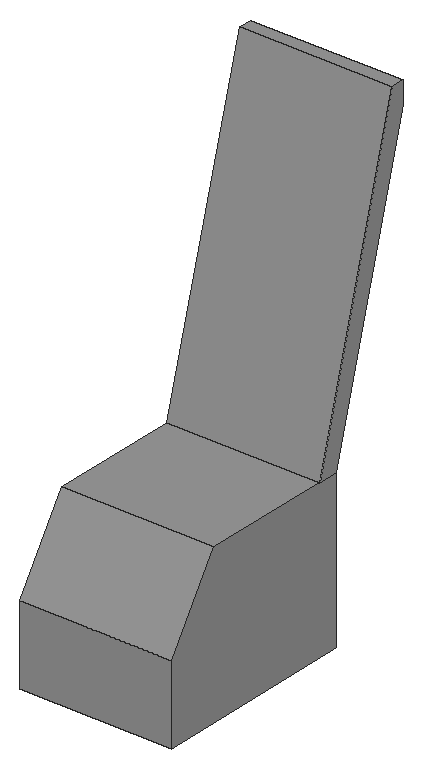
Revit family "AVLN_Кресло пациента", category Мебель, Revit 2019
Family settings
  Номер OmniClass = 23.40.20.00
  Заголовок OmniClass = General Furniture and Specialties
  На основе рабочей плоскости = Нет
  Всегда вертикально = Да
  При загрузке вырезать с полостями = Нет
  Общий = Нет
  Точка расчета площади = Нет
Parameters (values of type "Кресло пациента")
  Описание = "Кресло пациента"
  М.основы = Акриловый
  Type Comments = ""
  Keynote = ""
  Manufacturer = ""
  Группа модели = "Оборудование поликлиники"
  ADSK_Размер_Ширина = 1100 mm
  ADSK_Размер_Длина = 580 mm
  ADSK_Размер_Высота = 1800 mm
  ADSK_Примечание [instance] = ""
  ADSK_Обозначение = ""
  ADSK_Наименование = ""
  ADSK_Масса = 0
  ADSK_Марка = ""
  ADSK_Код изделия = ""
  ADSK_Единица измерения = "шт"  # constant formula
Reference planes
  plane 1 "По центру (Вперед/Назад)": y = 0
  plane 2: z = 0
  plane 3 "По центру (Влево/Вправо)": x = 0
  plane 4: z = 1800
  plane 5: y = 550
  plane 6: x = 290
  plane 7: x = -290
  plane 8: y = -550
  plane 9: y = -685
  plane 10: z = 600
Forms (mm)
  Extrusion 1, solid, material "Акриловый" <- "М.основы"
    sketch origin (0, 0, 0) x (0, 1, 0) y (0, 0, 1)
      loop
        line (230, 600) -> (-350, 600) -> (-550, 300) -> (-550, 0) -> (230, 0) -> (230, 600)
    from -290 to 290
  Extrusion 2, solid, material "Акриловый" <- "М.основы"
    sketch origin (0, 0, 0) x (0, 1, 0) y (0, 0, 1)
      loop
        line (230, 600) -> (550, 1715.973) -> (550, 1800) -> (496.434, 1800) -> (152.339, 600) -> (230, 600)
    from -290 to 290
Lines and regions (mm)
  symbolic lines
    curve 1: line (-290, -300, 592.976) -> (-330, -300, 592.976)
    curve 2: line (-290, 0, 592.976) -> (-290, -300, 592.976)
    curve 3: line (-330, 0, 592.976) -> (-290, 0, 592.976)
    curve 4: line (-330, -300, 592.976) -> (-330, 0, 592.976)
    curve 5: line (330, -300, 592.976) -> (290, -300, 592.976)
    curve 6: line (330, 0, 592.976) -> (330, -300, 592.976)
    curve 7: line (290, 0, 592.976) -> (330, 0, 592.976)
    curve 8: line (290, -300, 592.976) -> (290, 0, 592.976)
    curve 9: line (-290, 0, 592.976) -> (290, 0, 592.976)
    curve 10: line (-290, -590, 592.976) -> (-290, 0, 592.976)
    curve 11: line (290, -590, 592.976) -> (-290, -590, 592.976)
    curve 12: line (290, 0, 592.976) -> (290, -590, 592.976)
    curve 13: line (290, 0, 592.976) -> (-290, 0, 592.976)
    curve 14: line (290, 300, 592.976) -> (290, 0, 592.976)
    curve 15: line (-290, 300, 592.976) -> (-145, 550, 592.976)
    curve 16: line (-290, 0, 592.976) -> (-290, 300, 592.976)
    curve 17: line (-145, 550, 592.976) -> (145, 550, 592.976)
    curve 18: line (145, 550, 592.976) -> (290, 300, 592.976)
    curve 19: line (145, 550, 592.976) -> (145, 630, 592.976)
    curve 20: line (145, 630, 592.976) -> (-145, 630, 592.976)
    curve 21: line (-145, 630, 592.976) -> (-145, 550, 592.976)
Dimensions and locks
  plane 2 to plane 4 = 1800 mm
  equal spacing: plane 8, plane 1 "По центру (Вперед/Назад)", plane 5
  equal spacing: plane 7, plane 3 "По центру (Влево/Вправо)", plane 6
  "ADSK_Размер_Длина": plane 7 to plane 6
  "ADSK_Размер_Ширина": plane 5 to plane 8
  "ADSK_Размер_Высота": plane 2 to plane 4
  plane 8 to plane 9 = 135 mm
  plane 5 to plane 8 to plane 9 = 1100 mm, 135 mm
  plane 1 "По центру (Вперед/Назад)" to plane 5 = 550 mm
  curve 1 to plane 1 "По центру (Вперед/Назад)" = 300 mm
  equal spacing: curve 10, plane 3 "По центру (Влево/Вправо)", curve 12
  curve 10 to curve 12 = 580 mm
  locked: plane 1 "По центру (Вперед/Назад)" to curve 16 at 300
  locked: curve 12 to curve 6 at 40
  locked: curve 2 to curve 4 at 40
  curve 11 to plane 1 "По центру (Вперед/Назад)" = 590 mm
  equal spacing: curve 21, plane 3 "По центру (Влево/Вправо)", curve 19
  locked: plane 1 "По центру (Вперед/Назад)" to curve 14 at 300
  plane 10 to plane 2 = 600 mm
  locked: Extrusion 1 sketch curve to Extrusion 1 sketch curve at 780
  locked: Extrusion 1 sketch curve to Extrusion 1 sketch curve at 580
  locked: Extrusion 1 sketch curve to plane 2 at 300
  locked: Extrusion 2 sketch curve to Extrusion 2 sketch curve at 74.652
  aligned and locked: level to plane 2
  aligned and locked: curve 13 to plane 1 "По центру (Вперед/Назад)"
  aligned and locked: curve 5 to curve 1
  aligned and locked: curve 17 to plane 5
  aligned and locked: plane 2 to Extrusion 1 sketch curve
  aligned and locked: plane 8 to Extrusion 1 sketch curve
  aligned and locked: Extrusion 1 to plane 7
  aligned and locked: Extrusion 1 to plane 6
  aligned and locked: plane 10 to Extrusion 2 sketch curve
  aligned and locked: Extrusion 2 sketch curve to plane 4
  aligned and locked: Extrusion 2 sketch curve to plane 5
  aligned and locked: Extrusion 2 sketch curve to Extrusion 1
  aligned and locked: Extrusion 2 to plane 7
  aligned and locked: plane 6 to Extrusion 2
Automatic sketch dimensions
  plane 3 "По центру (Влево/Вправо)" to curve 17 = 145 mm
  curve 21 to curve 15 = 80 mm
  plane 3 "По центру (Влево/Вправо)" to curve 8 = 290 mm
  Extrusion 1 sketch curve to plane 10 = 0 mm
  Extrusion 2 sketch curve to plane 5 = 53.566 mm
